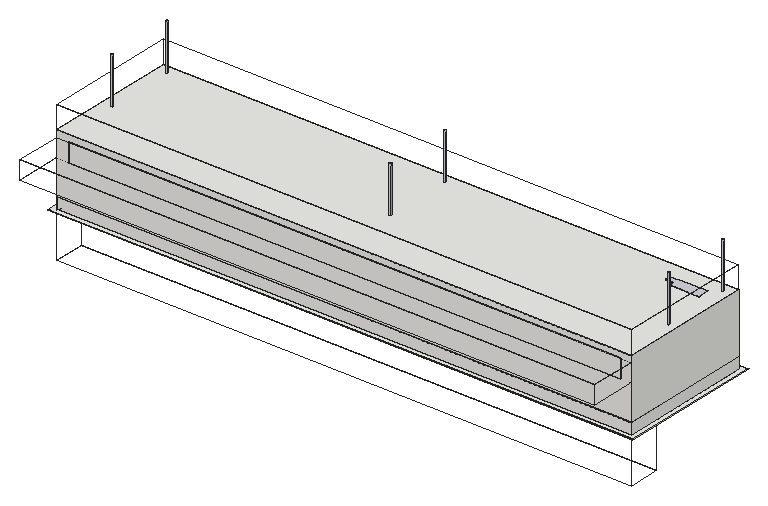
Revit family "AIRTECNICS_AIR CURTAIN_RECESSED DAM_ELECTRICAL HEATED (E)123", category Mechanical Equipment, Revit 2016
Family settings
  Part Type = Normal
  Round Connector Dimension = Use Diameter
  OmniClass Number = 23.75.70.21.17
  OmniClass Title = Air Curtains
  Work Plane-Based = No
  Always vertical = Yes
  Cut with Voids When Loaded = No
  Shared = No
  Room Calculation Point = No
Parameters (values of type "RDAM ECG 2500 E")
  · OTHERS · [instance] = "-/ Select Supports - Inst.Maint. Space /-"  # constant formula
  · HEATING · [instance] = "-/ Select Heating /-"  # constant formula
  Weight [instance] = size_lookup(Name_Lookup_Data, "Weight", 1.00 kg, CM, CT)  # 123.00 kg
  Voltage [instance] = 400 V  # constant formula
  URL_Manufacturer = "https://www.airtecnics.com"
  URL_Datasheet = "https://www.airtecnics.com/download/file/1944/recessed-dam.pdf"
  Supports Length [instance] = 200.0 mm
  Supports (Horizontal) [instance] = yes
  Revit Version = "Revit 2016 - English"  # constant formula
  Review Date = "11/18"  # constant formula
  Remote Control = "IR-AIR"  # constant formula
  Product Size = if(CT = 2, "1000", if(CT = 4, "1500", if(CT = 8, "2000", if(CT = 16, "2500", if(CT = 32, "3000", "Consult Manufacturer")))))  # "2500"
  Product Reference [instance] = size_lookup(Name_Lookup_Ref, "", "Consult Manufacturer", CM, CT)  # "RDAM ECG 2500 E"
  Product Heating [instance] = if(CE = 0, "E Standard", if(CE = 2, "E Limited 1/3", if(CE = 4, "E Limited 2/3", "Consult Manufacturer")))  # "E Standard"
  Product Description [instance] = size_lookup(Name_Lookup_Data, "", "Consult Manufacturer", CM, CT)  # "Compact and low profile recessed air curtain with full grille view.\r\nSelf-supporting casing construction made of galvanized steel plate, ready to be installed recessed in a false ceiling. \r\nInlet grille (free of maintenance) made with aluminium profiles and blow-out nozzle, integrated in a single white frame colour RAL 9016. Other colours are available on request. \r\nDouble-inlet centrifugal fans driven by an external rotor motor and low noise level. 5-speed selector. EC models assembled with very low consumption efficiency fans. \r\n“E” type with electrical shielded elements, three stages with integrated regulation. \r\nIncludes Plug&Play control with 7m RJ45 cable and infrared remote control. Optional: Clever control (programmable, automatic, intelligent, energy saving, Modbus RTU for BMS…)\r\nAir Volume: 6300 m3/h \r\nFans:  0,497 kW  4,34 A 230Vx1 50/60Hz\r\nHeating power: 10/20/30 kW (400Vx3)\r\nDimensions: 627x310x2548 mm (depth, height, length)"
  Power Fans Factor [instance] = size_lookup(Name_Lookup_Data, "Power Fans Factor", 1, CM, CT)  # 0.5
  Power Fans [instance] = size_lookup(Name_Lookup_Data, "Power Fans", 1 kW, CM, CT)  # 0.497 kW
  Power Factor [instance] = 1  # constant formula
  Noise Level (dB(A)) [instance] = size_lookup(Name_Lookup_Data, "Noise Level (dB(A))", 1, CM, CT)  # 64
  Name_Lookup_Ref = "R_DAM_(E)_Ref_Lookup"  # constant formula
  Name_Lookup_Electrical = "R_DAM_(E)_Electrical_Lookup"  # constant formula
  Name_Lookup_Data = "R_DAM_(E)_Data_Lookup"  # constant formula
  Material Curtain [instance] = AIRTECNICS_White RAL 9016
  M = no
  Length = L + 48.0 mm + Depth - Depth  # 2548.0 mm
  IfcExportType = "ELECTRICHEATINGCOIL"  # constant formula
  IfcExportAs = "IfcCoilType"  # constant formula
  Height = 310.0 mm  # constant formula
  G = yes
  Frequency = 50 Hz  # constant formula
  Fans Stage = 5  # constant formula
  Family Version = "1.0"  # constant formula
  Electrical Heating Capacity (kW) [instance] = size_lookup(Name_Lookup_Electrical, "", "Consult Manufacturer", CM, CT, CE)  # "10/20/30"
  Electrical + Current Fans [instance] = size_lookup(Name_Lookup_Data, "Electrical + Current Fans", 1 A, CM, CT)  # 47.85 A
  EC = yes
  E Standard [instance] = if(CE = 0, 1 = 1, 1 = 0)  # yes
  E Limited 2/3 [instance] = no
  E Limited 1/3 [instance] = no
  Depth = 627.0 mm  # constant formula
  Current Fans [instance] = size_lookup(Name_Lookup_Data, "Current Fans", 1 A, CM, CT)  # 4.34 A
  Created by = "BIMETRICAL"  # constant formula
  Control [instance] = "CE-5AW-IR"  # constant formula
  Cable = "CB7"  # constant formula
  URL = "https://www.airtecnics.com/products/air-curtain-recessed-dam"
  Model = "Air curtain Recesssed DAM E"  # constant formula
  L = 2500.0 mm
  Type Image = <None>
  Manufacturer = "AIRTECNICS"  # constant formula
  Description = ""
  Type Comments = "Compact and low profile recessed air curtain with full grille view. Self-supporting casing construction made of galvanized steel plate, ready to be installed recessed in a false ceiling.\r\nInlet grille (free of maintenance) made with aluminium profiles and blow-out nozzle, integrated in a single white frame colour RAL 9016. Other colours are available on request.\r\nDouble-inlet centrifugal fans driven by an external rotor motor and low noise level. 5-speed selector. EC models assembled with very low consumption efficiency fans.\r\n“P” type with water heated coil. “E” type with electrical shielded elements, three stages with integrated regulation. “A” type without heating, air only. Optional expansion DX coil.\r\nIncludes Plug&Play control with 7m RJ45 cable and infrared remote control. Optional: Clever control (programmable, automatic, intelligent, energy saving, Modbus RTU for BMS…)\r\n"  # constant formula
  CT = if(L = 1000.0 mm, 2, 0) + if(L = 1500.0 mm, 4, 0) + if(L = 2000.0 mm, 8, 0) + if(L = 2500.0 mm, 16, 0) + if(L = 3000.0 mm, 32, 0)  # 16
  CM = if(M, 2, 0) + if(EC, 4, 0) + if(G, 8, 0)  # 12
  CE [instance] = if([E Limited 1/3], 2, 0) + if([E Limited 2/3], 4, 0)  # 0
  BIMETRICAL Category = "Coil"  # constant formula
  BIMETRICAL = "http://www.bimetrical.com/"  # constant formula
  Aspiration/Maintenance Space [instance] = yes
  Airflow [instance] = size_lookup(Name_Lookup_Data, "Airflow", 1 m³/h, CM, CT)  # 6300 m³/h
  3rd Phase [instance] = size_lookup(Name_Lookup_Data, "3rd Phase", 1 VA, CM, CT)  # 10000 VA
  2nd Phase [instance] = size_lookup(Name_Lookup_Data, "2nd Phase", 1 VA, CM, CT)  # 10000 VA
  1st Phase [instance] = size_lookup(Name_Lookup_Data, "1st Phase", 1 VA, CM, CT)  # 10509 VA
Reference planes
  plane 1 "Centro (Frontal/Posterior)": z = 0
  plane 2: y = 246.57
  plane 3 "Centro (Izquierda/Derecha)": x = 0
Nested families
  nested 1: "GEOM_RECESSED DAM_(A-E-P)" at (0, 246.57, -2) x (-1, 0, 0) z (0, 0, 1), type "GEOM_RECESSED DAM_(A-E-P)"
    with VAMP4 no, VAMP1 no, P4 no, P3 no, P2 yes, P1 no, C_P 2, C_L 8, CH_4 398.5 mm, CH_3 218.8 mm, CH_2 100.5 mm, CH_1 91.2 mm, CC_4 431.5 mm, CC_3 33.0 mm, CC_2 138.5 mm, CC_1 277.2 mm, AH 90.00°, AC 90.00°
Connectors
  electrical at (1069.129, 446.424, 309), driven by "Voltage", driven by "1st Phase", driven by "2nd Phase", driven by "3rd Phase"
    settings: on nested 1, index 1, voltage 400 V, apparent load 0 VA, apparent load phase1 10509 VA, apparent load phase2 10000 VA, apparent load phase3 10000 VA, power factor 1, load classification "HVAC", number of poles 3, system type 31, power factor state 1, is connector primary yes, connector utility no, sub classification motor no, connector description ""
Definition of nested family "GEOM_RECESSED DAM_(A-E-P)"
  Parameters (values of type "GEOM_RECESSED DAM_(A-E-P)")
    VSUP2 = if(and(Supports Length > 0.0 mm, L > 1000.0 mm, [Supports (Horizontal)]), 1 = 1, 1 = 0)  # yes
    VSUP1 = if(and(Supports Length > 0.0 mm, [Supports (Horizontal)]), 1 = 1, 1 = 0)  # yes
    VAMP4 [instance] = if(and(P, P4, [Aspiration/Maintenance Space]), 1 = 1, 1 = 0)  # no
    VAMP1 [instance] = if(and(P, P1, [Aspiration/Maintenance Space]), 1 = 1, 1 = 0)  # no
    Supports Length = 200.0 mm
    Supports (Horizontal) = yes
    Revit Version = "Revit 2016 - English"  # constant formula
    Review Date = "11/2018"  # constant formula
    P4 [instance] = no
    P3 [instance] = no
    P2 [instance] = not(or(P1, P3, P4))  # yes
    P1 [instance] = no
    P = yes
    Name_CH = "CH_Dimensions_Lookup"  # constant formula
    Name_CC = "CC_Dimensions_Lookup"  # constant formula
    N = if(L = 1000.0 mm, 5, if(L = 1500.0 mm, 7, if(L = 2000.0 mm, 9, 11)))  # 11
    Model = "RECESSED DAM"  # constant formula
    Material Curtain = none
    Manufacturer = "AIRTECNICS"  # constant formula
    L_sup = if(Supports Length = 0.0 mm, 1.0 mm, Supports Length)  # 200.0 mm
    L3 = if(L = 1000.0 mm, 227.0 mm, if(L = 1500.0 mm, 234.8 mm, if(L = 2000.0 mm, 238.5 mm, 240.8 mm)))  # 240.8 mm
    L2 = if(L = 1000.0 mm, 51.75 mm, if(L = 1500.0 mm, 46.75 mm, if(L = 2000.0 mm, 40.0 mm, 49.5 mm)))  # 49.5 mm
    L1 = L + 48.0 mm  # 2548.0 mm
    L = 2500.0 mm
    Family Version = "1.0"  # constant formula
    D_Con = 20.00 mm
    Created by = "BIMETRICAL"  # constant formula
    C_P [instance] = if(P1, 1, 0) + if(P2, 2, 0) + if(P3, 4, 0) + if(P4, 8, 0)  # 2
    C_L [instance] = if(L = 1500.0 mm, 2, 0) + if(L = 2000.0 mm, 4, 0) + if(L = 2500.0 mm, 8, 0)  # 8
    CH_4 [instance] = size_lookup(Name_CH, "CH_4", 398.5 mm, C_L, C_P)  # 398.5 mm
    CH_3 [instance] = size_lookup(Name_CH, "CH_3", 218.8 mm, C_L, C_P)  # 218.8 mm
    CH_2 [instance] = size_lookup(Name_CH, "CH_2", 100.5 mm, C_L, C_P)  # 100.5 mm
    CH_1 [instance] = size_lookup(Name_CH, "CH_1", 91.2 mm, C_L, C_P)  # 91.2 mm
    CC_4 [instance] = size_lookup(Name_CC, "CC_4", 431.5 mm, C_L, C_P)  # 431.5 mm
    CC_3 [instance] = size_lookup(Name_CC, "CC_3", 33.0 mm, C_L, C_P)  # 33.0 mm
    CC_2 [instance] = size_lookup(Name_CC, "CC_2", 138.5 mm, C_L, C_P)  # 138.5 mm
    CC_1 [instance] = size_lookup(Name_CC, "CC_1", 277.2 mm, C_L, C_P)  # 277.2 mm
    C = if(L = 1000.0 mm, 227.75 mm, if(L = 1500.0 mm, 235.1 mm, 238.88 mm))  # 238.88 mm
    BIMETRICAL = "http://www.bimetrical.com/"  # constant formula
    B1 = 1.5 mm
    B = 1.0 mm
    Aspiration/Maintenance Space = yes
    AH [instance] = size_lookup(Name_CH, "AH", 90.00°, C_L, C_P)  # 90.00°
    AC [instance] = size_lookup(Name_CC, "AC", 90.00°, C_L, C_P)  # 90.00°
    A1 = L - 62.0 mm  # 2438.0 mm
    A = 197.8 mm
  Reference planes
    plane 1 "Centro (Frontal/Posterior)": y = 0
    plane 2: z = 0
    plane 3 "Centro (Izquierda/Derecha)": x = 0
    plane 4: y = 313.5
    plane 5: y = -313.5
    plane 6: y = 290
    plane 7: y = -290
    plane 8: z = 310
    plane 9: z = 50
    plane 10: z = 2
    plane 11: x = -1273.5
    plane 12: x = -1250
    plane 13: x = 1273.5
    plane 14: x = 1250
    plane 15: y = -256
    plane 16: y = 41
    plane 17: x = -1210
    plane 18: x = 1210
    plane 19: y = 41
    plane 20: y = -256
    plane 21: y = 170
    plane 22: z = 25
    plane 23: z = 17
    plane 24: x = -1207.5
    plane 25: x = -1203.5
    plane 26: x = -1205.5
    plane 27: x = -966.7
    plane 28: x = -962.7
    plane 29: x = -964.7
    plane 30: x = -725.9
    plane 31: x = -721.9
    plane 32: x = -723.9
    plane 33: x = -485.1
    plane 34: x = -481.1
    plane 35: x = -483.1
    plane 36: x = -244.3
    plane 37: x = -240.3
    plane 38: x = -242.3
    plane 39: x = 1273.5
    plane 40: x = 1135
    plane 41: x = 1173
    plane 42: y = 85
    plane 43: y = 118
    plane 44: z = 277.2
    plane 45: z = 91.2
    plane 46: x = -3.5
    plane 47: x = 0.5
    plane 48: x = -1.5
    plane 49: x = 237.3
    plane 50: x = 241.3
    plane 51: x = 239.3
    plane 52: x = 478.1
    plane 53: x = 482.1
    plane 54: x = 480.1
    plane 55: x = 718.9
    plane 56: x = 722.9
    plane 57: x = 720.9
    plane 58: x = 959.7
    plane 59: x = 963.7
    plane 60: x = 961.7
    plane 61: x = 1200.5
    plane 62: x = 1204.5
    plane 63: x = 1202.5
  Forms (mm)
    Sweep 1, solid, material <- "Material Curtain"
      path origin (0, 0, 0) x (1, 0, 0) y (0, 1, 0)
        loop
          line (-1273.5, 313.5) -> (-1273.5, -313.5) -> (1273.5, -313.5) -> (1273.5, 313.5) -> (-1273.5, 313.5)
      profile origin (-1273.5, 0, 0) x (-1, 0, 0) y (0, 0, 1)
        loop
          line (0, 0) -> (0, 2) -> (-22, 2) -> (-22, 50) -> (-23.5, 50) -> (-23.5, 0) -> (0, 0)
    Extrusion 2, solid, material <- "Material Curtain"
      sketch origin (0, 0, 0) x (1, 0, 0) y (0, 1, 0)
        loop
          line (-1250, 290) -> (-1250, -290) -> (1250, -290) -> (1250, 290) -> (-1250, 290)
      from 50 to 310
    Extrusion 3, solid, visible <- "VSUP1"
      sketch origin (-1376.546, -1524, 310) x (-1, 0, 0) y (0, -1, 0)
        loop
          circle (-166.546, -1565) r 4
        loop
          circle (-166.546, -1268) r 4
        loop
          circle (-2586.546, -1268) r 4
        loop
          circle (-2586.546, -1565) r 4
      from -1 to 200
    Extrusion 4, solid, visible <- "VSUP2"
      sketch origin (-1376.546, -1524, 310) x (-1, 0, 0) y (0, -1, 0)
        loop
          circle (-1376.546, -1565) r 4
        loop
          circle (-1376.546, -1268) r 4
      from 0 to 200
    Extrusion 5, void
      sketch origin (-1802.24, 290, 1200) x (-1, 0, 0) y (0, 0, 1)
        loop
          line (-3002.74, -918.496) -> (-3002.74, -998.496) -> (-1802.24, -998.496) -> (-601.74, -998.496) -> (-601.74, -918.496) -> (-1802.24, -918.496) -> (-3002.74, -918.496)
      from 0 to -5
    Extrusion 6, solid
      sketch origin (-1802.24, 290, 1200) x (-1, 0, 0) y (0, 0, 1)
        loop
          line (-3002.74, -918.496) -> (-3002.74, -998.496) -> (-1802.24, -998.496) -> (-601.74, -998.496) -> (-601.74, -918.496) -> (-1802.24, -918.496) -> (-3002.74, -918.496)
      from 0 to -1
    Extrusion 7, solid
      sketch origin (1250, 311.264, 1200) x (0, 1, 0) y (0, 0, -1)
        loop
          line (-82.767, 1195.605) -> (-98.673, 1183.4) -> (-98.673, 1173.4) -> (-97.373, 1173.4) -> (-97.373, 1182.759) -> (-82.371, 1194.27)
          arc (-82.371, 1194.27) -> (-78.603, 1196.427) -> (-74.325, 1197.164) r 12.5
          arc (-74.325, 1197.164) -> (-73.675, 1197.864) -> (-74.424, 1198.456) r 0.65
          arc (-74.424, 1198.456) -> (-78.829, 1197.715) -> (-82.767, 1195.605) r 13.8
        loop
          line (-59.967, 1195.605) -> (-75.873, 1183.4) -> (-75.873, 1173.4) -> (-74.573, 1173.4) -> (-74.573, 1182.759) -> (-59.571, 1194.27)
          arc (-59.571, 1194.27) -> (-55.803, 1196.427) -> (-51.525, 1197.164) r 12.5
          arc (-51.525, 1197.164) -> (-50.875, 1197.864) -> (-51.624, 1198.456) r 0.65
          arc (-51.624, 1198.456) -> (-56.029, 1197.715) -> (-59.967, 1195.605) r 13.8
        loop
          line (-151.167, 1195.605) -> (-167.073, 1183.4) -> (-167.073, 1173.4) -> (-165.773, 1173.4) -> (-165.773, 1182.759) -> (-150.771, 1194.27)
          arc (-150.771, 1194.27) -> (-147.003, 1196.427) -> (-142.725, 1197.164) r 12.5
          arc (-142.725, 1197.164) -> (-142.075, 1197.864) -> (-142.824, 1198.456) r 0.65
          arc (-142.824, 1198.456) -> (-147.229, 1197.715) -> (-151.167, 1195.605) r 13.8
        loop
          line (-128.367, 1195.605) -> (-144.273, 1183.4) -> (-144.273, 1173.4) -> (-142.973, 1173.4) -> (-142.973, 1182.759) -> (-127.971, 1194.27)
          arc (-127.971, 1194.27) -> (-124.203, 1196.427) -> (-119.925, 1197.164) r 12.5
          arc (-119.925, 1197.164) -> (-119.275, 1197.864) -> (-120.024, 1198.456) r 0.65
          arc (-120.024, 1198.456) -> (-124.429, 1197.715) -> (-128.367, 1195.605) r 13.8
        loop
          line (-105.567, 1195.605) -> (-121.473, 1183.4) -> (-121.473, 1173.4) -> (-120.173, 1173.4) -> (-120.173, 1182.759) -> (-105.171, 1194.27)
          arc (-105.171, 1194.27) -> (-101.403, 1196.427) -> (-97.125, 1197.164) r 12.5
          arc (-97.125, 1197.164) -> (-96.475, 1197.864) -> (-97.224, 1198.456) r 0.65
          arc (-97.224, 1198.456) -> (-101.629, 1197.715) -> (-105.567, 1195.605) r 13.8
        loop
          line (-219.567, 1195.605) -> (-235.473, 1183.4) -> (-235.473, 1173.4) -> (-234.173, 1173.4) -> (-234.173, 1182.759) -> (-219.171, 1194.27)
          arc (-219.171, 1194.27) -> (-215.403, 1196.427) -> (-211.125, 1197.164) r 12.5
          arc (-211.125, 1197.164) -> (-210.475, 1197.864) -> (-211.224, 1198.456) r 0.65
          arc (-211.224, 1198.456) -> (-215.629, 1197.715) -> (-219.567, 1195.605) r 13.8
        loop
          line (-196.767, 1195.605) -> (-212.673, 1183.4) -> (-212.673, 1173.4) -> (-211.373, 1173.4) -> (-211.373, 1182.759) -> (-196.371, 1194.27)
          arc (-196.371, 1194.27) -> (-192.603, 1196.427) -> (-188.325, 1197.164) r 12.5
          arc (-188.325, 1197.164) -> (-187.675, 1197.864) -> (-188.424, 1198.456) r 0.65
          arc (-188.424, 1198.456) -> (-192.829, 1197.715) -> (-196.767, 1195.605) r 13.8
        loop
          line (-173.967, 1195.605) -> (-189.873, 1183.4) -> (-189.873, 1173.4) -> (-188.573, 1173.4) -> (-188.573, 1182.759) -> (-173.571, 1194.27)
          arc (-173.571, 1194.27) -> (-169.803, 1196.427) -> (-165.525, 1197.164) r 12.5
          arc (-165.525, 1197.164) -> (-164.875, 1197.864) -> (-165.624, 1198.456) r 0.65
          arc (-165.624, 1198.456) -> (-170.029, 1197.715) -> (-173.967, 1195.605) r 13.8
        loop
          line (-287.967, 1195.605) -> (-303.873, 1183.4) -> (-303.873, 1173.4) -> (-302.573, 1173.4) -> (-302.573, 1182.759) -> (-287.571, 1194.27)
          arc (-287.571, 1194.27) -> (-283.803, 1196.427) -> (-279.525, 1197.164) r 12.5
          arc (-279.525, 1197.164) -> (-278.875, 1197.864) -> (-279.624, 1198.456) r 0.65
          arc (-279.624, 1198.456) -> (-284.029, 1197.715) -> (-287.967, 1195.605) r 13.8
        loop
          line (-265.167, 1195.605) -> (-281.073, 1183.4) -> (-281.073, 1173.4) -> (-279.773, 1173.4) -> (-279.773, 1182.759) -> (-264.771, 1194.27)
          arc (-264.771, 1194.27) -> (-261.003, 1196.427) -> (-256.725, 1197.164) r 12.5
          arc (-256.725, 1197.164) -> (-256.075, 1197.864) -> (-256.824, 1198.456) r 0.65
          arc (-256.824, 1198.456) -> (-261.229, 1197.715) -> (-265.167, 1195.605) r 13.8
        loop
          line (-242.367, 1195.605) -> (-258.273, 1183.4) -> (-258.273, 1173.4) -> (-256.973, 1173.4) -> (-256.973, 1182.759) -> (-241.971, 1194.27)
          arc (-241.971, 1194.27) -> (-238.203, 1196.427) -> (-233.925, 1197.164) r 12.5
          arc (-233.925, 1197.164) -> (-233.275, 1197.864) -> (-234.024, 1198.456) r 0.65
          arc (-234.024, 1198.456) -> (-238.429, 1197.715) -> (-242.367, 1195.605) r 13.8
        loop
          line (-356.367, 1195.605) -> (-372.273, 1183.4) -> (-372.273, 1173.4) -> (-370.973, 1173.4) -> (-370.973, 1182.759) -> (-355.971, 1194.27)
          arc (-355.971, 1194.27) -> (-352.203, 1196.427) -> (-347.925, 1197.164) r 12.5
          arc (-347.925, 1197.164) -> (-347.275, 1197.864) -> (-348.024, 1198.456) r 0.65
          arc (-348.024, 1198.456) -> (-352.429, 1197.715) -> (-356.367, 1195.605) r 13.8
        loop
          line (-333.567, 1195.605) -> (-349.473, 1183.4) -> (-349.473, 1173.4) -> (-348.173, 1173.4) -> (-348.173, 1182.759) -> (-333.171, 1194.27)
          arc (-333.171, 1194.27) -> (-329.403, 1196.427) -> (-325.125, 1197.164) r 12.5
          arc (-325.125, 1197.164) -> (-324.475, 1197.864) -> (-325.224, 1198.456) r 0.65
          arc (-325.224, 1198.456) -> (-329.629, 1197.715) -> (-333.567, 1195.605) r 13.8
        loop
          line (-310.767, 1195.605) -> (-326.673, 1183.4) -> (-326.673, 1173.4) -> (-325.373, 1173.4) -> (-325.373, 1182.759) -> (-310.371, 1194.27)
          arc (-310.371, 1194.27) -> (-306.603, 1196.427) -> (-302.325, 1197.164) r 12.5
          arc (-302.325, 1197.164) -> (-301.675, 1197.864) -> (-302.424, 1198.456) r 0.65
          arc (-302.424, 1198.456) -> (-306.829, 1197.715) -> (-310.767, 1195.605) r 13.8
        loop
          line (-424.767, 1195.605) -> (-440.673, 1183.4) -> (-440.673, 1173.4) -> (-439.373, 1173.4) -> (-439.373, 1182.759) -> (-424.371, 1194.27)
          arc (-424.371, 1194.27) -> (-420.603, 1196.427) -> (-416.325, 1197.164) r 12.5
          arc (-416.325, 1197.164) -> (-415.675, 1197.864) -> (-416.424, 1198.456) r 0.65
          arc (-416.424, 1198.456) -> (-420.829, 1197.715) -> (-424.767, 1195.605) r 13.8
        loop
          line (-401.967, 1195.605) -> (-417.873, 1183.4) -> (-417.873, 1173.4) -> (-416.573, 1173.4) -> (-416.573, 1182.759) -> (-401.571, 1194.27)
          arc (-401.571, 1194.27) -> (-397.803, 1196.427) -> (-393.525, 1197.164) r 12.5
          arc (-393.525, 1197.164) -> (-392.875, 1197.864) -> (-393.624, 1198.456) r 0.65
          arc (-393.624, 1198.456) -> (-398.029, 1197.715) -> (-401.967, 1195.605) r 13.8
        loop
          line (-379.167, 1195.605) -> (-395.073, 1183.4) -> (-395.073, 1173.4) -> (-393.773, 1173.4) -> (-393.773, 1182.759) -> (-378.771, 1194.27)
          arc (-378.771, 1194.27) -> (-375.003, 1196.427) -> (-370.725, 1197.164) r 12.5
          arc (-370.725, 1197.164) -> (-370.075, 1197.864) -> (-370.824, 1198.456) r 0.65
          arc (-370.824, 1198.456) -> (-375.229, 1197.715) -> (-379.167, 1195.605) r 13.8
        loop
          line (-447.567, 1195.605) -> (-463.473, 1183.4) -> (-463.473, 1173.4) -> (-462.173, 1173.4) -> (-462.173, 1182.759) -> (-447.171, 1194.27)
          arc (-447.171, 1194.27) -> (-443.403, 1196.427) -> (-439.125, 1197.164) r 12.5
          arc (-439.125, 1197.164) -> (-438.475, 1197.864) -> (-439.224, 1198.456) r 0.65
          arc (-439.224, 1198.456) -> (-443.629, 1197.715) -> (-447.567, 1195.605) r 13.8
        loop
          line (-493.167, 1195.605) -> (-509.073, 1183.4) -> (-509.073, 1198.4) -> (-512.073, 1198.4) -> (-512.073, 1153) -> (-509.073, 1153) -> (-509.073, 1173.4) -> (-507.773, 1173.4) -> (-507.773, 1182.759) -> (-492.771, 1194.27)
          arc (-492.771, 1194.27) -> (-489.003, 1196.427) -> (-484.725, 1197.164) r 12.5
          arc (-484.725, 1197.164) -> (-484.075, 1197.864) -> (-484.824, 1198.456) r 0.65
          arc (-484.824, 1198.456) -> (-489.229, 1197.715) -> (-493.167, 1195.605) r 13.8
        loop
          line (-470.367, 1195.605) -> (-486.273, 1183.4) -> (-486.273, 1173.4) -> (-484.973, 1173.4) -> (-484.973, 1182.759) -> (-469.971, 1194.27)
          arc (-469.971, 1194.27) -> (-466.203, 1196.427) -> (-461.925, 1197.164) r 12.5
          arc (-461.925, 1197.164) -> (-461.275, 1197.864) -> (-462.024, 1198.456) r 0.65
          arc (-462.024, 1198.456) -> (-466.429, 1197.715) -> (-470.367, 1195.605) r 13.8
        loop
          line (-37.167, 1195.605) -> (-53.073, 1183.4) -> (-53.073, 1173.4) -> (-51.773, 1173.4) -> (-51.773, 1182.759) -> (-36.771, 1194.27)
          arc (-36.771, 1194.27) -> (-33.003, 1196.427) -> (-28.725, 1197.164) r 12.5
          arc (-28.725, 1197.164) -> (-28.075, 1197.864) -> (-28.824, 1198.456) r 0.65
          arc (-28.824, 1198.456) -> (-33.229, 1197.715) -> (-37.167, 1195.605) r 13.8
        loop
          line (-523.813, 1198.4) -> (-526.813, 1198.4) -> (-526.813, 1173.4) -> (-523.813, 1173.4) -> (-523.813, 1198.4)
        loop
          line (-538.553, 1198.4) -> (-541.553, 1198.4) -> (-541.553, 1173.4) -> (-538.553, 1173.4) -> (-538.553, 1198.4)
        loop
          line (-553.293, 1198.4) -> (-556.293, 1198.4) -> (-556.293, 1173.4) -> (-553.293, 1173.4) -> (-553.293, 1198.4)
        loop
          line (-568.033, 1198.4) -> (-571.033, 1198.4) -> (-571.033, 1183.25) -> (-571.033, 1174.75) -> (-571.033, 1173.4) -> (-568.033, 1173.4) -> (-568.033, 1175.384) -> (-568.033, 1182.616) -> (-568.033, 1198.4)
        loop
          line (-582.768, 1198.4) -> (-585.768, 1198.4) -> (-585.768, 1175) -> (-585.768, 1153) -> (-582.768, 1153) -> (-582.768, 1175) -> (-582.768, 1198.4)
      from 0 to 2500
    Extrusion 8, solid, material <- "Material Curtain"
      sketch origin (0, 0, 0) x (1, 0, 0) y (0, 1, 0)
        loop
          line (-1203.5, 286.998) -> (-1207.5, 286.998) -> (-1207.5, -287.002) -> (-1203.5, -287.002) -> (-1203.5, 286.998)
      from 17 to 25
    Extrusion 9, solid, material <- "Material Curtain"
      sketch origin (240.8, 0, 0) x (1, 0, 0) y (0, 1, 0)
        loop
          line (-1203.5, 286.998) -> (-1207.5, 286.998) -> (-1207.5, -287.002) -> (-1203.5, -287.002) -> (-1203.5, 286.998)
      from 17 to 25
    Extrusion 10, solid, material <- "Material Curtain"
      sketch origin (481.6, 0, 0) x (1, 0, 0) y (0, 1, 0)
        loop
          line (-1203.5, 286.998) -> (-1207.5, 286.998) -> (-1207.5, -287.002) -> (-1203.5, -287.002) -> (-1203.5, 286.998)
      from 17 to 25
    Extrusion 11, solid, material <- "Material Curtain"
      sketch origin (722.4, 0, 0) x (1, 0, 0) y (0, 1, 0)
        loop
          line (-1203.5, 286.998) -> (-1207.5, 286.998) -> (-1207.5, -287.002) -> (-1203.5, -287.002) -> (-1203.5, 286.998)
      from 17 to 25
    Extrusion 12, solid, material <- "Material Curtain"
      sketch origin (963.2, 0, 0) x (1, 0, 0) y (0, 1, 0)
        loop
          line (-1203.5, 286.998) -> (-1207.5, 286.998) -> (-1207.5, -287.002) -> (-1203.5, -287.002) -> (-1203.5, 286.998)
      from 17 to 25
    Extrusion 13, solid, visible <- "P"
      sketch origin (1171.923, 82.636, 310) x (0, -1, 0) y (1, 0, 0)
        loop
          circle (-2.364, 1.077) r 10
      from 0 to 15
    Extrusion 14, solid, visible <- "P"
      sketch origin (1135.562, 119.477, 310.2) x (0, -1, 0) y (1, 0, 0)
        loop
          circle (1.477, -0.562) r 10
      from 0 to 15
    Extrusion 15, solid
      sketch origin (-1376.546, -1524, 310) x (-1, 0, 0) y (0, -1, 0)
        loop
          line (-330.042, -1353.296) -> (-202.542, -1353.296) -> (-202.542, -1303.996) -> (-330.042, -1303.996) -> (-330.042, -1307.996) -> (-367.042, -1307.996) -> (-367.042, -1331.296) -> (-330.042, -1331.296) -> (-330.042, -1353.296)
      from 0 to 1
    Extrusion 16, solid, visible <- "VAMP1"
      sketch origin (1250, 311.264, 1200) x (0, 1, 0) y (0, 0, -1)
        loop
          line (-601.264, 890) -> (-21.264, 890) -> (-21.264, 1150) -> (-601.264, 1150) -> (-601.264, 890)
      from 0 to -100
    Extrusion 17, solid, visible <- "VAMP4"
      sketch origin (-1250, 311.264, 1200) x (0, 1, 0) y (0, 0, 1)
        loop
          line (-601.264, -890) -> (-601.264, -1150) -> (-21.264, -1150) -> (-21.264, -890) -> (-601.264, -890)
      from 0 to -100
    Extrusion 18, solid, visible <- "Aspiration/Maintenance Space"
      sketch origin (-1802.24, 290, 1200) x (-1, 0, 0) y (0, 0, 1)
        loop
          line (-3052.24, -918.496) -> (-3052.24, -998.496) -> (-552.24, -998.496) -> (-552.24, -918.496) -> (-3052.24, -918.496)
      from 0 to 200
    Extrusion 19, solid, visible <- "Aspiration/Maintenance Space"
      sketch origin (-1250, 311.264, 1200) x (0, 1, 0) y (0, 0, 1)
        loop
          line (-601.264, -890) -> (-21.264, -890) -> (-21.264, -790) -> (-601.264, -790) -> (-601.264, -890)
      from 0 to 2500
    Extrusion 20, solid, visible <- "Aspiration/Maintenance Space"
      sketch origin (1250, 311.264, 1200) x (0, 1, 0) y (0, 0, -1)
        loop
          line (-21.264, 1200) -> (-21.264, 1400) -> (-157.264, 1400) -> (-157.264, 1200) -> (-21.264, 1200)
      from 0 to 2500
    Extrusion 21, solid, material <- "Material Curtain"
      sketch origin (1204, 0, 0) x (1, 0, 0) y (0, 1, 0)
        loop
          line (-1203.5, 286.998) -> (-1207.5, 286.998) -> (-1207.5, -287.002) -> (-1203.5, -287.002) -> (-1203.5, 286.998)
      from 17 to 25
    Extrusion 22, solid, material <- "Material Curtain"
      sketch origin (1444.8, 0, 0) x (1, 0, 0) y (0, 1, 0)
        loop
          line (-1203.5, 286.998) -> (-1207.5, 286.998) -> (-1207.5, -287.002) -> (-1203.5, -287.002) -> (-1203.5, 286.998)
      from 17 to 25
    Extrusion 23, solid, material <- "Material Curtain"
      sketch origin (1685.6, 0, 0) x (1, 0, 0) y (0, 1, 0)
        loop
          line (-1203.5, 286.998) -> (-1207.5, 286.998) -> (-1207.5, -287.002) -> (-1203.5, -287.002) -> (-1203.5, 286.998)
      from 17 to 25
    Extrusion 24, solid, material <- "Material Curtain"
      sketch origin (1926.4, 0, 0) x (1, 0, 0) y (0, 1, 0)
        loop
          line (-1203.5, 286.998) -> (-1207.5, 286.998) -> (-1207.5, -287.002) -> (-1203.5, -287.002) -> (-1203.5, 286.998)
      from 17 to 25
    Extrusion 25, solid, material <- "Material Curtain"
      sketch origin (2167.2, 0, 0) x (1, 0, 0) y (0, 1, 0)
        loop
          line (-1203.5, 286.998) -> (-1207.5, 286.998) -> (-1207.5, -287.002) -> (-1203.5, -287.002) -> (-1203.5, 286.998)
      from 17 to 25
    Extrusion 26, solid, material <- "Material Curtain"
      sketch origin (2408, 0, 0) x (1, 0, 0) y (0, 1, 0)
        loop
          line (-1203.5, 286.998) -> (-1207.5, 286.998) -> (-1207.5, -287.002) -> (-1203.5, -287.002) -> (-1203.5, 286.998)
      from 17 to 25
  Cuts and joins
    Extrusion 5 cuts Extrusion 2
  Lines and regions (mm)
    symbolic lines
      curve 1: line (-1273.5, 313.5, 310) -> (1273.5, 313.5, 310)
      curve 2: line (-1273.5, -313.5, 310) -> (-1273.5, 313.5, 310)
      curve 3: line (1273.5, -313.5, 310) -> (-1273.5, -313.5, 310)
      curve 4: line (1273.5, 313.5, 310) -> (1273.5, -313.5, 310)
      curve 5: line (1250, -290, 310) -> (-1250, -290, 310)
      curve 6: line (1250, 290, 310) -> (1250, -290, 310)
      curve 7: line (-1250, 290, 310) -> (1250, 290, 310)
      curve 8: line (-1250, -290, 310) -> (-1250, 290, 310)
    reference lines
      curve 9: line (1135, 118, 277.2) -> (1135, 118, 310.2)
      curve 10: line (1173, 85, 91.2) -> (1173, 85, 310)
    symbolic lines, visible <- "VAMP4"
      curve 11: line (-1250, -290, 310) -> (-1350, -290, 310)
      curve 12: line (-1350, -290, 310) -> (-1350, 290, 310)
      curve 13: line (-1350, 290, 310) -> (-1250, 290, 310)
      curve 23: line (-1250, 0, 50) -> (-1350, 0, 50)
      curve 24: line (-1350, 0, 50) -> (-1350, 0, 310)
      curve 25: line (-1350, 0, 310) -> (-1250, 0, 310)
    symbolic lines, visible <- "VAMP1"
      curve 14: line (1250, 290, 310) -> (1350, 290, 310)
      curve 15: line (1350, 290, 310) -> (1350, -290, 310)
      curve 16: line (1350, -290, 310) -> (1250, -290, 310)
      curve 20: line (1250, 0, 310) -> (1350, 0, 310)
      curve 21: line (1350, 0, 310) -> (1350, 0, 50)
      curve 22: line (1350, 0, 50) -> (1250, 0, 50)
    symbolic lines, visible <- "Aspiration/Maintenance Space"
      curve 17: line (-1250, 290, 310) -> (-1250, 490, 310)
      curve 18: line (-1250, 490, 310) -> (1250, 490, 310)
      curve 19: line (1250, 490, 310) -> (1250, 290, 310)
      curve 26: line (-1250, 0, 0) -> (-1250, 0, -200)
      curve 27: line (-1250, 0, -200) -> (1250, 0, -200)
      curve 28: line (1250, 0, -200) -> (1250, 0, 0)
      curve 29: line (-1250, 0, 310) -> (-1250, 0, 410)
      curve 30: line (-1250, 0, 410) -> (1250, 0, 410)
      curve 31: line (1250, 0, 410) -> (1250, 0, 310)
      curve 32: line (1250, 289, 281.504) -> (1250, 490, 281.504)
      curve 33: line (1250, 490, 281.504) -> (1250, 490, 201.504)
      curve 34: line (1250, 490, 201.504) -> (1250, 290, 201.504)
      curve 35: line (1250, 290, 310) -> (1250, 290, 410)
      curve 36: line (1250, 290, 410) -> (1250, -290, 410)
      curve 37: line (1250, -290, 410) -> (1250, -290, 310)
      curve 38: line (1250, 290, 0) -> (1250, 290, -200)
      curve 39: line (1250, 290, -200) -> (1250, 154, -200)
      curve 40: line (1250, 154, -200) -> (1250, 154, 0)
    symbolic lines, visible <- "VSUP1"
      curve 41: circle (-1210, 41, 310) r 4 normal (0, 0, 1)
      curve 42: circle (-1210, -256, 310) r 4 normal (0, 0, 1)
      curve 43: circle (1210, -256, 310) r 4 normal (0, 0, 1)
      curve 44: circle (1210, 41, 310) r 4 normal (0, 0, 1)
    symbolic lines, visible <- "VSUP2"
      curve 45: circle (0, 41, 310) r 4 normal (0, 0, 1)
      curve 46: circle (0, -256, 310) r 4 normal (0, 0, 1)
  Dimensions and locks
    locked: plane 4 to plane 6 at 23.5
    locked: plane 5 to plane 7 at 23.5
    locked: plane 11 to plane 12 at 23.5
    locked: plane 13 to plane 14 at 23.5
    equal spacing: plane 12, plane 3 "Centro (Izquierda/Derecha)", plane 14
    "L": plane 12 to plane 14
    equal spacing: plane 4, plane 1 "Centro (Frontal/Posterior)", plane 5
    locked: plane 5 to plane 4 at 627
    locked: plane 9 to level at 50
    locked: plane 8 to level at 310
    locked: plane 7 to plane 15 at 34
    locked: plane 16 to plane 15 at 297
    locked: plane 12 to plane 17 at 40
    locked: plane 18 to plane 14 at 40
    locked: plane 20 to plane 7 at 34
    locked: plane 19 to plane 20 at 297
    "Supports Length": Extrusion 3 to plane 8
    "Supports Length": Extrusion 4 to plane 8
    plane 8 to plane 9 = 260.0 mm
    plane 4 to plane 5 = 627.0 mm
    locked: plane 6 to plane 21 at 120
    "L2": Extrusion 5 sketch curve to plane 14
    Extrusion 5 sketch curve to plane 8 = 28.496 mm
    plane 4 to plane 1 "Centro (Frontal/Posterior)" to plane 5 = 313.5 mm, 313.5 mm
    locked: Extrusion 5 sketch curve to Extrusion 5 sketch curve at 80
    locked: plane 9 to Extrusion 6 sketch curve at 151.504
    locked: Extrusion 6 sketch curve to plane 8 at 28.496
    Extrusion 6 sketch curve to Extrusion 6 sketch curve = 80.0 mm
    locked: plane 23 to Extrusion 7 at 9.6
    locked: plane 22 to Extrusion 7 at 1.6
    equal spacing: plane 24, plane 26, plane 25
    locked: plane 12 to plane 26 at 44.5
    equal spacing: plane 27, plane 29, plane 28
    equal spacing: group 1, group 2, group 3, group 4, group 5, group 6, group 7, group 8, group 9, group 10, group 11  (x3)
    equal spacing: plane 30, plane 32, plane 31
    "L3": plane 26 to plane 29
    equal spacing: plane 33, plane 35, plane 34
    equal spacing: plane 36, plane 38, plane 37
    locked: plane 14 to plane 39 at 23.5
    "CH_2": plane 41 to plane 39
    "CC_2": plane 40 to plane 39
    "CC_4": plane 5 to plane 43
    "CH_4": plane 5 to plane 42
    "CH_1": level to plane 45
    "CC_1": level to plane 44
    "CC_3": curve 9 to curve 9
    "CH_3": curve 10 to curve 10
    Sweep 1 to Extrusion 15 sketch curve to Extrusion 15 sketch curve to Extrusion 15 sketch curve = 99.496 mm locked, 127.5 mm locked, 37.0 mm locked
    locked: Extrusion 19 sketch curve to Extrusion 19 sketch curve at 100
    locked: Extrusion 20 sketch curve to Extrusion 20 sketch curve at 136
    locked: level to Extrusion 20 sketch curve at 200
    equal spacing: Extrusion 5 sketch curve, plane 3 "Centro (Izquierda/Derecha)", Extrusion 5 sketch curve
    equal spacing: Extrusion 6 sketch curve, plane 3 "Centro (Izquierda/Derecha)", Extrusion 6 sketch curve
    "L2": Extrusion 6 sketch curve to plane 14
    equal spacing: plane 46, plane 48, plane 47
    equal spacing: plane 49, plane 51, plane 50
    equal spacing: plane 52, plane 54, plane 53
    equal spacing: plane 55, plane 57, plane 56
    equal spacing: plane 58, plane 60, plane 59
    equal spacing: plane 61, plane 63, plane 62
    "D_Con": diameter of Extrusion 13 sketch curve
    "D_Con": diameter of Extrusion 14 sketch curve
    "AC": angle plane 44 to curve 9
    "AH": angle plane 45 to curve 10
    aligned and locked: level to plane 2
    aligned and locked: Sweep 1 sketch curve to plane 4
    aligned and locked: plane 11 to Sweep 1 sketch curve
    aligned and locked: Sweep 1 sketch curve to plane 5
    aligned and locked: Sweep 1 sketch curve to plane 13
    aligned and locked: Extrusion 2 sketch curve to plane 6
    aligned and locked: plane 12 to Extrusion 2 sketch curve
    aligned and locked: Extrusion 2 sketch curve to plane 7
    aligned and locked: plane 14 to Extrusion 2 sketch curve
    aligned and locked: Extrusion 2 to plane 9
    aligned and locked: plane 17 to Extrusion 3 sketch curve  (x2)
    aligned and locked: plane 18 to Extrusion 3 sketch curve  (x2)
    aligned and locked: Extrusion 3 sketch curve to plane 16
    aligned and locked: Extrusion 3 sketch curve to plane 15
    aligned and locked: plane 15 to Extrusion 3 sketch curve
    aligned and locked: plane 16 to Extrusion 3 sketch curve
    aligned and locked: plane 3 "Centro (Izquierda/Derecha)" to Extrusion 4 sketch curve  (x2)
    aligned and locked: plane 20 to Extrusion 4 sketch curve
    aligned and locked: plane 19 to Extrusion 4 sketch curve
    aligned and locked: plane 12 to Sweep 1 sketch curve
    aligned and locked: curve 5 to Sweep 1
    aligned and locked: curve 6 to Sweep 1
    aligned and locked: curve 7 to Sweep 1
    aligned and locked: curve 8 to Sweep 1
    aligned and locked: curve 1 to plane 4
    aligned and locked: Extrusion 7 to plane 12
    aligned and locked: Extrusion 8 to plane 22
    aligned and locked: plane 23 to Extrusion 8
    aligned and locked: plane 24 to Extrusion 8
    aligned and locked: plane 25 to Extrusion 8
    aligned and locked: plane 27 to Extrusion 9
    aligned and locked: plane 28 to Extrusion 9
    aligned and locked: plane 30 to Extrusion 10
    aligned and locked: plane 31 to Extrusion 10
    aligned and locked: plane 33 to Extrusion 11
    aligned and locked: plane 34 to Extrusion 11
    aligned and locked: plane 36 to Extrusion 12
    aligned and locked: plane 37 to Extrusion 12
    aligned and locked: plane 44 to curve 9
    aligned and locked: plane 40 to curve 9
    aligned and locked: plane 45 to curve 10
    aligned and locked: plane 41 to curve 10
    aligned and locked: Extrusion 16 sketch curve to cut or joined group of Extrusion 2, Extrusion 5  (x3)
    aligned and locked: Extrusion 16 sketch curve to Sweep 1
    aligned and locked: curve 12 to Extrusion 17
    aligned and locked: curve 15 to Extrusion 16
    aligned and locked: plane 12 to Extrusion 18 sketch curve
    aligned and locked: plane 14 to Extrusion 18 sketch curve
    aligned and locked: Extrusion 18 sketch curve to Extrusion 6  (x2)
    aligned and locked: plane 7 to Extrusion 19 sketch curve
    aligned and locked: plane 6 to Extrusion 19 sketch curve
    aligned and locked: Extrusion 19 to plane 14
    aligned and locked: Extrusion 20 to plane 12
    aligned and locked: curve 19 to Extrusion 18
    aligned and locked: curve 17 to Extrusion 18
    aligned and locked: curve 24 to Extrusion 17
    aligned and locked: curve 21 to Extrusion 16
    aligned and locked: Extrusion 20 to plane 14
    aligned and locked: curve 26 to plane 12
    aligned and locked: curve 33 to Extrusion 18
    aligned and locked: curve 35 to Extrusion 19
    aligned and locked: curve 37 to Extrusion 19
    aligned and locked: curve 41 to Extrusion 3
    aligned and locked: curve 42 to Extrusion 3
    aligned and locked: curve 43 to Extrusion 3
    aligned and locked: curve 44 to Extrusion 3
    aligned and locked: curve 45 to Extrusion 4
    aligned and locked: curve 46 to Extrusion 4
    aligned and locked: plane 46 to Extrusion 21
    aligned and locked: plane 47 to Extrusion 21
    aligned and locked: plane 49 to Extrusion 22
    aligned and locked: plane 50 to Extrusion 22
    aligned and locked: plane 52 to Extrusion 23
    aligned and locked: plane 53 to Extrusion 23
    aligned and locked: plane 55 to Extrusion 24
    aligned and locked: plane 56 to Extrusion 24
    aligned and locked: plane 58 to Extrusion 25
    aligned and locked: plane 59 to Extrusion 25
    aligned and locked: plane 61 to Extrusion 26
    aligned and locked: plane 62 to Extrusion 26
  Automatic sketch dimensions
    Extrusion 8 sketch curve to Extrusion 8 sketch curve = 4.0 mm
    Extrusion 8 sketch curve to plane 24 = 0.0 mm
    Extrusion 8 sketch curve to Extrusion 8 sketch curve = 574.0 mm
    Extrusion 9 sketch curve to Extrusion 9 sketch curve = 4.0 mm
    Extrusion 9 sketch curve to plane 27 = 0.0 mm
    Extrusion 9 sketch curve to Extrusion 9 sketch curve = 574.0 mm
    Extrusion 10 sketch curve to Extrusion 10 sketch curve = 4.0 mm
    Extrusion 10 sketch curve to plane 30 = 0.0 mm
    Extrusion 10 sketch curve to Extrusion 10 sketch curve = 574.0 mm
    Extrusion 11 sketch curve to Extrusion 11 sketch curve = 4.0 mm
    Extrusion 11 sketch curve to plane 33 = 0.0 mm
    Extrusion 11 sketch curve to Extrusion 11 sketch curve = 574.0 mm
    Extrusion 12 sketch curve to Extrusion 12 sketch curve = 4.0 mm
    Extrusion 12 sketch curve to plane 36 = 0.0 mm
    Extrusion 12 sketch curve to Extrusion 12 sketch curve = 574.0 mm
    Extrusion 19 sketch curve to plane 8 = 0.0 mm
    curve 30 to plane 12 = 0.0 mm
    curve 23 to plane 9 = 0.0 mm
    curve 23 to plane 12 = 0.0 mm
    plane 14 to curve 30 = 0.0 mm
    plane 14 to curve 27 = 0.0 mm
    curve 22 to plane 9 = 0.0 mm
    plane 14 to curve 22 = 0.0 mm
    curve 26 to level = 0.0 mm
    curve 28 to level = 0.0 mm
    curve 25 to plane 8 = 0.0 mm
    curve 20 to plane 8 = 0.0 mm
    curve 26 to level = 200.0 mm
    curve 20 to curve 30 = 100.0 mm
    Sweep 1 sketch curve to profile plane = 0.0 mm
    Sweep 1 sketch curve to level = 0.0 mm
    Sweep 1 sketch curve to Sweep 1 sketch curve = 1.5 mm
    level to Sweep 1 sketch curve = 2.0 mm
    Sweep 1 sketch curve to Sweep 1 sketch curve = 48.0 mm
    plane 5 to curve 3 = 0.0 mm
    curve 3 to plane 13 = 0.0 mm
    curve 2 to plane 11 = 0.0 mm
    plane 4 to curve 17 = 176.5 mm
    plane 22 to Extrusion 7 sketch curve = 0.0 mm  (x2)
    plane 10 to Extrusion 7 sketch curve = 0.4 mm  (x6)
    plane 7 to Extrusion 7 sketch curve = 15.496 mm
    Extrusion 7 sketch curve to Extrusion 7 sketch curve = 3.0 mm  (x7)
    plane 22 to Extrusion 7 sketch curve = 1.6 mm  (x25)
    Extrusion 7 sketch curve to Extrusion 7 sketch curve = 11.735 mm
    Extrusion 7 sketch curve to Extrusion 7 sketch curve = 11.74 mm  (x4)
    plane 9 to Extrusion 7 sketch curve = 3.0 mm  (x2)
    Extrusion 7 sketch curve to Extrusion 7 sketch curve = 1.3 mm  (x21)
    Extrusion 7 sketch curve to plane 10 = 2.395 mm  (x21)
    Extrusion 7 sketch curve to Extrusion 7 sketch curve = 15.906 mm
    Extrusion 7 sketch curve to plane 10 = 3.73 mm  (x18)
    Extrusion 7 sketch curve to Extrusion 7 sketch curve = 0.397 mm  (x20)
    Extrusion 7 sketch curve to plane 23 = 0.4 mm  (x21)
    Extrusion 7 sketch curve to Extrusion 7 sketch curve = 6.498 mm  (x11)
    plane 23 to Extrusion 7 sketch curve = 0.241 mm  (x21)
    Extrusion 7 sketch curve to Extrusion 7 sketch curve = 0.201 mm  (x19)
    Extrusion 7 sketch curve to Extrusion 7 sketch curve = 0.006 mm  (x21)
    Extrusion 7 sketch curve to plane 10 = 0.186 mm  (x21)
    Extrusion 7 sketch curve to Extrusion 7 sketch curve = 8.444 mm  (x17)
    Extrusion 7 sketch curve to Extrusion 7 sketch curve = 14.356 mm  (x15)
    plane 1 "Centro (Frontal/Posterior)" to Extrusion 7 sketch curve = 0.497 mm
    plane 1 "Centro (Frontal/Posterior)" to Extrusion 7 sketch curve = 0.893 mm
    plane 1 "Centro (Frontal/Posterior)" to Extrusion 7 sketch curve = 7.391 mm
    Extrusion 7 sketch curve to Extrusion 7 sketch curve = 21.5 mm  (x4)
    Extrusion 7 sketch curve to plane 42 = 9.209 mm
    Extrusion 7 sketch curve to plane 42 = 7.659 mm
    plane 42 to Extrusion 7 sketch curve = 6.697 mm
    Extrusion 7 sketch curve to plane 43 = 3.503 mm
    plane 43 to Extrusion 7 sketch curve = 3.391 mm
    plane 43 to Extrusion 7 sketch curve = 4.941 mm
    plane 21 to Extrusion 7 sketch curve = 9.903 mm
    plane 21 to Extrusion 7 sketch curve = 3.009 mm
    plane 21 to Extrusion 7 sketch curve = 1.508 mm
    plane 21 to Extrusion 7 sketch curve = 1.459 mm
    Extrusion 7 sketch curve to plane 21 = 12.897 mm
    Extrusion 7 sketch curve to plane 21 = 19.791 mm
    Extrusion 7 sketch curve to plane 23 = 1.664 mm  (x21)
    plane 6 to Extrusion 7 sketch curve = 7.508 mm
    plane 6 to Extrusion 7 sketch curve = 7.459 mm
    Extrusion 7 sketch curve to Extrusion 7 sketch curve = 1.334 mm  (x3)
    Extrusion 7 sketch curve to Extrusion 7 sketch curve = 0.008 mm  (x21)
    Extrusion 7 sketch curve to plane 23 = 0.25 mm
    plane 23 to Extrusion 7 sketch curve = 0.384 mm
    Extrusion 7 sketch curve to plane 22 = 0.384 mm
    plane 22 to Extrusion 7 sketch curve = 0.25 mm
    plane 10 to Extrusion 7 sketch curve = 0.456 mm  (x21)
    Extrusion 15 sketch curve to Extrusion 15 sketch curve = 0.0 mm
    Extrusion 15 sketch curve to plane 7 = 119.296 mm
    Extrusion 15 sketch curve to Extrusion 15 sketch curve = 22.0 mm
    Extrusion 15 sketch curve to Extrusion 15 sketch curve = 23.3 mm
    Extrusion 15 sketch curve to Extrusion 15 sketch curve = 49.3 mm
    Extrusion 17 sketch curve to plane 7 = 0.0 mm
    Extrusion 17 sketch curve to plane 6 = 0.0 mm
    Extrusion 17 sketch curve to plane 9 = 0.0 mm
    Extrusion 17 sketch curve to plane 8 = 0.0 mm
    Extrusion 20 sketch curve to level = 0.0 mm
    Extrusion 20 sketch curve to plane 6 = 0.0 mm
    curve 40 to level = 0.0 mm
    curve 34 to plane 6 = 0.0 mm
    curve 39 to plane 6 = 0.0 mm
    curve 38 to level = 0.0 mm
    curve 35 to plane 8 = 0.0 mm
    curve 37 to plane 8 = 0.0 mm
    plane 21 to curve 39 = 16.0 mm
    level to curve 40 = 200.0 mm
    plane 44 to curve 33 = 75.696 mm
    curve 32 to plane 44 = 4.304 mm
    curve 35 to curve 35 = 100.0 mm
    plane 6 to curve 32 = 1.0 mm
    Extrusion 21 sketch curve to Extrusion 21 sketch curve = 4.0 mm
    Extrusion 21 sketch curve to plane 46 = 0.0 mm
    Extrusion 21 sketch curve to Extrusion 21 sketch curve = 574.0 mm
    Extrusion 22 sketch curve to Extrusion 22 sketch curve = 4.0 mm
    Extrusion 22 sketch curve to plane 49 = 0.0 mm
    Extrusion 22 sketch curve to Extrusion 22 sketch curve = 574.0 mm
    Extrusion 23 sketch curve to Extrusion 23 sketch curve = 4.0 mm
    Extrusion 23 sketch curve to plane 52 = 0.0 mm
    Extrusion 23 sketch curve to Extrusion 23 sketch curve = 574.0 mm
    Extrusion 24 sketch curve to Extrusion 24 sketch curve = 4.0 mm
    Extrusion 24 sketch curve to plane 55 = 0.0 mm
    Extrusion 24 sketch curve to Extrusion 24 sketch curve = 574.0 mm
    Extrusion 25 sketch curve to Extrusion 25 sketch curve = 4.0 mm
    Extrusion 25 sketch curve to plane 58 = 0.0 mm
    Extrusion 25 sketch curve to Extrusion 25 sketch curve = 574.0 mm
    Extrusion 26 sketch curve to Extrusion 26 sketch curve = 4.0 mm
    Extrusion 26 sketch curve to plane 61 = 0.0 mm
    Extrusion 26 sketch curve to Extrusion 26 sketch curve = 574.0 mm
    Extrusion 5 sketch curve to plane 3 "Centro (Izquierda/Derecha)" = 0.0 mm  (x2)
    Extrusion 6 sketch curve to plane 3 "Centro (Izquierda/Derecha)" = 0.0 mm  (x2)
    Extrusion 13 sketch curve to plane 41 = 0.0 mm
    plane 42 to Extrusion 13 sketch curve = 0.0 mm
    Extrusion 14 sketch curve to plane 40 = 0.0 mm
    plane 43 to Extrusion 14 sketch curve = 0.0 mm
    radius of Extrusion 3 sketch curve = 4.0 mm  (x4)
    radius of Extrusion 4 sketch curve = 4.0 mm  (x2)
Types (16, lengths in mm): name | Weight | Product Size | Product Reference | Product Description | Power Fans Factor | Power Fans | Noise Level (dB(A)) | M | Length | G | Electrical Heating Capacity (kW) | Electrical + Current Fans | EC | Current Fans | L | CT | CM | Airflow | 3rd Phase | 2nd Phase | 1st Phase
  RDAM ECG 2500 E | 123.00 kg | "2500" | "RDAM ECG 2500 E" | "Compact and low profile recessed air curtain with full grille view.\r\nSelf-supporting casing construction made of galvanized steel plate, ready to be installed recessed in a false ceiling. \r\nInlet grille (free of maintenance) made with aluminium profiles and blow-out nozzle, integrated in a single white frame colour RAL 9016. Other colours are available on request. \r\nDouble-inlet centrifugal fans driven by an external rotor motor and low noise level. 5-speed selector. EC models assembled with very low consumption efficiency fans. \r\n“E” type with electrical shielded elements, three stages with integrated regulation. \r\nIncludes Plug&Play control with 7m RJ45 cable and infrared remote control. Optional: Clever control (programmable, automatic, intelligent, energy saving, Modbus RTU for BMS…)\r\nAir Volume: 6300 m3/h \r\nFans:  0,497 kW  4,34 A 230Vx1 50/60Hz\r\nHeating power: 10/20/30 kW (400Vx3)\r\nDimensions: 627x310x2548 mm (depth, height, length)" | 0.5 | 0.497 kW | 64 | no | 2548.0 | yes | "10/20/30" | 47.85 A | yes | 4.34 A | 2500.0 | 16 | 12 | 6300 m³/h | 10000 VA | 10000 VA | 10509 VA
  RDAM ECG 2000 E | 112.00 kg | "2000" | "RDAM ECG 2000 E" | "Compact and low profile recessed air curtain with full grille view.\r\nSelf-supporting casing construction made of galvanized steel plate, ready to be installed recessed in a false ceiling. \r\nInlet grille (free of maintenance) made with aluminium profiles and blow-out nozzle, integrated in a single white frame colour RAL 9016. Other colours are available on request. \r\nDouble-inlet centrifugal fans driven by an external rotor motor and low noise level. 5-speed selector. EC models assembled with very low consumption efficiency fans. \r\n“E” type with electrical shielded elements, three stages with integrated regulation. \r\nIncludes Plug&Play control with 7m RJ45 cable and infrared remote control. Optional: Clever control (programmable, automatic, intelligent, energy saving, Modbus RTU for BMS…)\r\nAir Volume: 5400 m3/h \r\nFans:  0,426 kW  3,72 A 230Vx1 50/60Hz\r\nHeating power: 10/20/30 kW (400Vx3)\r\nDimensions: 627x310x2048 mm (depth, height, length)" | 0.5 | 0.426 kW | 63 | no | 2048.0 | yes | "10/20/30" | 47.2 A | yes | 3.72 A | 2000.0 | 8 | 12 | 5400 m³/h | 10000 VA | 10000 VA | 10435 VA
  RDAM ECG 1500 E | 84.00 kg | "1500" | "RDAM ECG 1500 E" | "Compact and low profile recessed air curtain with full grille view.\r\nSelf-supporting casing construction made of galvanized steel plate, ready to be installed recessed in a false ceiling. \r\nInlet grille (free of maintenance) made with aluminium profiles and blow-out nozzle, integrated in a single white frame colour RAL 9016. Other colours are available on request. \r\nDouble-inlet centrifugal fans driven by an external rotor motor and low noise level. 5-speed selector. EC models assembled with very low consumption efficiency fans. \r\n“E” type with electrical shielded elements, three stages with integrated regulation. \r\nIncludes Plug&Play control with 7m RJ45 cable and infrared remote control. Optional: Clever control (programmable, automatic, intelligent, energy saving, Modbus RTU for BMS…)\r\nAir Volume: 3600 m3/h \r\nFans:  0,284 kW  2,48 A 230Vx1 50/60Hz\r\nHeating power: 7,5/15/22,5 kW (400Vx3)\r\nDimensions: 627x310x1548 mm (depth, height, length)" | 0.5 | 0.284 kW | 62 | no | 1548.0 | yes | "7,5/15/22,5" | 35.08 A | yes | 2.48 A | 1500.0 | 4 | 12 | 3600 m³/h | 7500 VA | 7500 VA | 7789 VA
  RDAM ECG 1000 E | 57.00 kg | "1000" | "RDAM ECG 1000 E" | "Compact and low profile recessed air curtain with full grille view.\r\nSelf-supporting casing construction made of galvanized steel plate, ready to be installed recessed in a false ceiling. \r\nInlet grille (free of maintenance) made with aluminium profiles and blow-out nozzle, integrated in a single white frame colour RAL 9016. Other colours are available on request. \r\nDouble-inlet centrifugal fans driven by an external rotor motor and low noise level. 5-speed selector. EC models assembled with very low consumption efficiency fans. \r\n“E” type with electrical shielded elements, three stages with integrated regulation. \r\nIncludes Plug&Play control with 7m RJ45 cable and infrared remote control. Optional: Clever control (programmable, automatic, intelligent, energy saving, Modbus RTU for BMS…)\r\nAir Volume: 2700 m3/h \r\nFans:  0,213 kW  1,86 A 230Vx1 50/60Hz\r\nHeating power: 5/10/15 kW (400Vx3)\r\nDimensions: 627x310x1048 mm (depth, height, length)" | 0.5 | 0.213 kW | 61 | no | 1048.0 | yes | "5/10/15" | 23.6 A | yes | 1.86 A | 1000.0 | 2 | 12 | 2700 m³/h | 5000 VA | 5000 VA | 5217 VA
  RDAM G 2500 E | 123.00 kg | "2500" | "RDAM G 2500 E" | "Compact and low profile recessed air curtain with full grille view.\r\nSelf-supporting casing construction made of galvanized steel plate, ready to be installed recessed in a false ceiling. \r\nInlet grille (free of maintenance) made with aluminium profiles and blow-out nozzle, integrated in a single white frame colour RAL 9016. Other colours are available on request. \r\nDouble-inlet centrifugal fans driven by an external rotor motor and low noise level. 5-speed selector. \r\n“E” type with electrical shielded elements, three stages with integrated regulation. \r\nIncludes Plug&Play control with 7m RJ45 cable and infrared remote control. Optional: Clever control (programmable, automatic, intelligent, energy saving, Modbus RTU for BMS…)\r\nAir Volume: 5600 m3/h \r\nFans:  1,498 kW  6,65 A 230Vx1 50Hz\r\nHeating power: 10/20/30 kW (400Vx3)\r\nDimensions: 627x310x2548 mm (depth, height, length)" | 0.98 | 1.498 kW | 60 | no | 2548.0 | yes | "10/20/30" | 49.95 A | no | 6.65 A | 2500.0 | 16 | 8 | 5600 m³/h | 10000 VA | 10000 VA | 11498 VA
  RDAM G 2000 E | 112.00 kg | "2000" | "RDAM G 2000 E" | "Compact and low profile recessed air curtain with full grille view.\r\nSelf-supporting casing construction made of galvanized steel plate, ready to be installed recessed in a false ceiling. \r\nInlet grille (free of maintenance) made with aluminium profiles and blow-out nozzle, integrated in a single white frame colour RAL 9016. Other colours are available on request. \r\nDouble-inlet centrifugal fans driven by an external rotor motor and low noise level. 5-speed selector. \r\n“E” type with electrical shielded elements, three stages with integrated regulation. \r\nIncludes Plug&Play control with 7m RJ45 cable and infrared remote control. Optional: Clever control (programmable, automatic, intelligent, energy saving, Modbus RTU for BMS…)\r\nAir Volume: 4800 m3/h \r\nFans:  1,284 kW  5,7 A 230Vx1 50Hz\r\nHeating power: 10/20/30 kW (400Vx3)\r\nDimensions: 627x310x2048 mm (depth, height, length)" | 0.98 | 1.284 kW | 59 | no | 2048.0 | yes | "10/20/30" | 49 A | no | 5.7 A | 2000.0 | 8 | 8 | 4800 m³/h | 10000 VA | 10000 VA | 11284 VA
  RDAM G 1500 E | 84.00 kg | "1500" | "RDAM G 1500 E" | "Compact and low profile recessed air curtain with full grille view.\r\nSelf-supporting casing construction made of galvanized steel plate, ready to be installed recessed in a false ceiling. \r\nInlet grille (free of maintenance) made with aluminium profiles and blow-out nozzle, integrated in a single white frame colour RAL 9016. Other colours are available on request. \r\nDouble-inlet centrifugal fans driven by an external rotor motor and low noise level. 5-speed selector. \r\n“E” type with electrical shielded elements, three stages with integrated regulation. \r\nIncludes Plug&Play control with 7m RJ45 cable and infrared remote control. Optional: Clever control (programmable, automatic, intelligent, energy saving, Modbus RTU for BMS…)\r\nAir Volume: 3200 m3/h \r\nFans:  0,856 kW  3,8 A 230Vx1 50Hz\r\nHeating power: 7,5/15/22,5 kW (400Vx3)\r\nDimensions: 627x310x1548 mm (depth, height, length)" | 0.98 | 0.856 kW | 58 | no | 1548.0 | yes | "7,5/15/22,5" | 36.28 A | no | 3.8 A | 1500.0 | 4 | 8 | 3200 m³/h | 7500 VA | 7500 VA | 8356 VA
  RDAM G 1000 E | 57.00 kg | "1000" | "RDAM G 1000 E" | "Compact and low profile recessed air curtain with full grille view.\r\nSelf-supporting casing construction made of galvanized steel plate, ready to be installed recessed in a false ceiling. \r\nInlet grille (free of maintenance) made with aluminium profiles and blow-out nozzle, integrated in a single white frame colour RAL 9016. Other colours are available on request. \r\nDouble-inlet centrifugal fans driven by an external rotor motor and low noise level. 5-speed selector. \r\n“E” type with electrical shielded elements, three stages with integrated regulation. \r\nIncludes Plug&Play control with 7m RJ45 cable and infrared remote control. Optional: Clever control (programmable, automatic, intelligent, energy saving, Modbus RTU for BMS…)\r\nAir Volume: 2400 m3/h \r\nFans:  0,642 kW  2,85 A 230Vx1 50Hz\r\nHeating power: 5/10/15 kW (400Vx3)\r\nDimensions: 627x310x1048 mm (depth, height, length)" | 0.98 | 0.642 kW | 57 | no | 1048.0 | yes | "5/10/15" | 24.5 A | no | 2.85 A | 1000.0 | 2 | 8 | 2400 m³/h | 5000 VA | 5000 VA | 5642 VA
  RDAM ECM 2500 E | 113.00 kg | "2500" | "RDAM ECM 2500 E" | "Compact and low profile recessed air curtain with full grille view.\r\nSelf-supporting casing construction made of galvanized steel plate, ready to be installed recessed in a false ceiling. \r\nInlet grille (free of maintenance) made with aluminium profiles and blow-out nozzle, integrated in a single white frame colour RAL 9016. Other colours are available on request. \r\nDouble-inlet centrifugal fans driven by an external rotor motor and low noise level. 5-speed selector. EC models assembled with very low consumption efficiency fans. \r\n“E” type with electrical shielded elements, three stages with integrated regulation. \r\nIncludes Plug&Play control with 7m RJ45 cable and infrared remote control. Optional: Clever control (programmable, automatic, intelligent, energy saving, Modbus RTU for BMS…)\r\nAir Volume: 4600 m3/h \r\nFans:  0,355 kW  3,1 A 230Vx1 50/60Hz\r\nHeating power: 6/12/18 kW (400Vx3)\r\nDimensions: 627x310x2548 mm (depth, height, length)" | 0.5 | 0.355 kW | 59 | yes | 2548.0 | no | "6/12/18" | 29.23 A | yes | 3.1 A | 2500.0 | 16 | 6 | 4600 m³/h | 6000 VA | 6000 VA | 6365 VA
  RDAM ECM 2000 E | 102.00 kg | "2000" | "RDAM ECM 2000 E" | "Compact and low profile recessed air curtain with full grille view.\r\nSelf-supporting casing construction made of galvanized steel plate, ready to be installed recessed in a false ceiling. \r\nInlet grille (free of maintenance) made with aluminium profiles and blow-out nozzle, integrated in a single white frame colour RAL 9016. Other colours are available on request. \r\nDouble-inlet centrifugal fans driven by an external rotor motor and low noise level. 5-speed selector. EC models assembled with very low consumption efficiency fans. \r\n“E” type with electrical shielded elements, three stages with integrated regulation. \r\nIncludes Plug&Play control with 7m RJ45 cable and infrared remote control. Optional: Clever control (programmable, automatic, intelligent, energy saving, Modbus RTU for BMS…)\r\nAir Volume: 3680 m3/h \r\nFans:  0,284 kW  2,48 A 230Vx1 50/60Hz\r\nHeating power: 6/12/18 kW (400Vx3)\r\nDimensions: 627x310x2048 mm (depth, height, length)" | 0.5 | 0.284 kW | 58 | yes | 2048.0 | no | "6/12/18" | 28.58 A | yes | 2.48 A | 2000.0 | 8 | 6 | 3680 m³/h | 6000 VA | 6000 VA | 6290 VA
